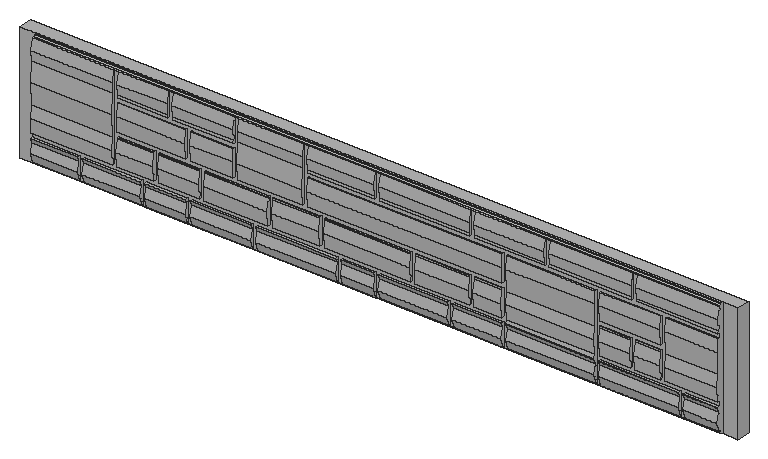
Revit family "P114 Rock Face Panel", category Generic Models, Revit 2020
Family settings
  Can host rebar = No
  Round Connector Dimension = Use Diameter
  Part Type = Normal
  Work Plane-Based = No
  Always vertical = Yes
  Cut with Voids When Loaded = No
  Shared = No
  Room Calculation Point = No
Parameters
  Weight = "66Kg."
  Warranty Guarantor Parts = "n/a"
  Warranty Guarantor Labour = "n/a"
  Warranty Duration Unit = "n/a"
  Warranty Duration Parts = "n/a"
  Warranty Duration Labour = "n/a"
  Warranty Description = "n/a"
  Unit Width [instance] = 50.1 mm
  Unit Length [instance] = 1830 mm
  Unit Height [instance] = 300 mm
  URL = "www.killeshal.com"
  Types = "Single"
  Type Comments = "Visit our website for a full list of available products."
  Sustainability Performance = "n/a"
  Structural Class = "n/a"
  Span = "Length."
  Slope = "0.00°"
  Size = "50mm Wide x 300mm High x 1830mm Long."
  Shape = "As per drawing"
  Service Life = "0.000000"
  Serial Number = "n/a"
  Resistance to Fire = "n/a"
  Replacement Cost = "n/a"
  Reference = "n/a"
  Notified Body = "n/a"
  Nominal Cover to Main Bar = "n/a"
  Model = "P/114 Panel."
  Mechanical Resistance = "n/a"
  Manufacturer = "Killeshal Precast Concrete Ltd."
  Load Bearing = no
  Life Cycle Environmental Load = "n/a"
  Length Options = "1830mm."
  Keynote = "The information contained is the sole property of KPC Ltd., any reproduction in part or whole without permission of KPC Ltd. is prohibited."
  Environmental Product Declaration = "n/a"
  Environmental Class = "n/a"
  Durability against Corrosion = "n/a"
  Dimension Accuracy Class = "n/a"
  Detailing = "As per design specification and product drawings."
  Description = "1830mm Rock Face Panel."
  Default Elevation = 0 mm
  Dangerous Substances = "n/a"
  Contact Tel = "0035357 9353018"
  Contact Email = "sales@killeshal.com"
  Construction Type = "Precast"
  Construction Tolerance Class = "n/a"
  Compressive Strength of Concrete = "n/a"
  Characteristics of Reinforcing Steel = "n/a"
  Characteristics Deflection Under Load = "n/a"
Reference planes
  plane 1 "Center (Front/Back)": y = 0
  plane 2: z = 0
  plane 3 "Center (Left/Right)": x = 0
  plane 4 "Rear": y = 7
  plane 5 "Center L/W": z = 300
  plane 6 "Center L/Y": y = -25
  plane 7 "Center L/Z": y = -43.1
Forms (mm)
  Extrusion 1, solid, material "Precast Concrete (KPC)"
    sketch origin (0, 0, 0) x (0, 1, 0) y (0, 0, 1)
      loop
        line (-25, 300) -> (-27, 298.6) -> (-30.098, 296.808) -> (-33.568, 294.379) -> (-35.1, 292.847) -> (-40.137, 265.235) -> (-38.215, 240.309) -> (-41.604, 191.837) -> (-38.925, 140.708) -> (-43.1, 111) -> (-40.512, 77.437) -> (-43.1, 67.777) -> (-43.1, 66) -> (-37.902, 54.84) -> (-43.1, 30.387) -> (-35.1, 7.153) -> (-33.568, 5.621) -> (-30.098, 3.192) -> (-27, 1.4) -> (-25, 0) -> (7, 0) -> (7, 300) -> (-25, 300)
    from 0 to 1830
  Extrusion 2, void
    sketch origin (0, 0, 0) x (0, 1, 0) y (0, 0, 1)
      loop
        line (-25, 0) -> (-25, 300) -> (-43.1, 300) -> (-43.1, 0) -> (-25, 0)
    from 0 to 40
  Extrusion 3, void
    sketch origin (0, 0, 0) x (0, 1, 0) y (0, 0, 1)
      loop
        line (-25, 0) -> (-25, 300) -> (-43.1, 300) -> (-43.1, 0) -> (-25, 0)
    from 1790 to 1830
  Extrusion 4, void
    sketch origin (0, 0, 66) x (0, 1, 0) y (0, 0, 1)
      loop
        line (-43.1, 0) -> (-35.1, 0) -> (-35.1, 12) -> (-43.1, 12) -> (-43.1, 0)
    from 40 to 1239.7
  Extrusion 5, void
    sketch origin (0, 0, 144) x (0, 1, 0) y (0, 0, 1)
      loop
        line (-43.1, 0) -> (-35.1, 0) -> (-35.1, 12) -> (-43.1, 12) -> (-43.1, 0)
    from 258.969 to 1239.7
  Extrusion 6, void
    sketch origin (0, 0, 222) x (0, 1, 0) y (0, 0, 1)
      loop
        line (-43.1, 0) -> (-35.1, 0) -> (-35.1, 12) -> (-43.1, 12) -> (-43.1, 0)
    from 258.969 to 553.669
  Extrusion 7, void
    sketch origin (185.6, 0, 0) x (1, 0, 0) y (0, 1, 0)
      loop
        line (213.369, -43.1) -> (213.369, -35.1) -> (201.369, -35.1) -> (201.369, -43.1) -> (213.369, -43.1)
    from 234 to 300
  Extrusion 8, void
    sketch origin (45.6, 0, 0) x (1, 0, 0) y (0, 1, 0)
      loop
        line (213.369, -43.1) -> (213.369, -35.1) -> (201.369, -35.1) -> (201.369, -43.1) -> (213.369, -43.1)
    from 78 to 300
  Extrusion 9, void
    sketch origin (-41.1, 0, 0) x (1, 0, 0) y (0, 1, 0)
      loop
        line (213.369, -43.1) -> (213.369, -35.1) -> (201.369, -35.1) -> (201.369, -43.1) -> (213.369, -43.1)
    from 0 to 66
  Extrusion 10, void
    sketch origin (118.1, 0, 0) x (1, 0, 0) y (0, 1, 0)
      loop
        line (213.369, -43.1) -> (213.369, -35.1) -> (201.369, -35.1) -> (201.369, -43.1) -> (213.369, -43.1)
    from 0 to 66
  Extrusion 11, void
    sketch origin (233.7, 0, 0) x (1, 0, 0) y (0, 1, 0)
      loop
        line (213.369, -43.1) -> (213.369, -35.1) -> (201.369, -35.1) -> (201.369, -43.1) -> (213.369, -43.1)
    from 0 to 66
  Extrusion 12, void
    sketch origin (400.6, 0, 0) x (1, 0, 0) y (0, 1, 0)
      loop
        line (213.369, -43.1) -> (213.369, -35.1) -> (201.369, -35.1) -> (201.369, -43.1) -> (213.369, -43.1)
    from 0 to 66
  Extrusion 13, void
    sketch origin (617.2, 0, 0) x (1, 0, 0) y (0, 1, 0)
      loop
        line (213.369, -43.1) -> (213.369, -35.1) -> (201.369, -35.1) -> (201.369, -43.1) -> (213.369, -43.1)
    from 0 to 66
  Extrusion 14, void
    sketch origin (713.4, 0, 0) x (1, 0, 0) y (0, 1, 0)
      loop
        line (213.369, -43.1) -> (213.369, -35.1) -> (201.369, -35.1) -> (201.369, -43.1) -> (213.369, -43.1)
    from 0 to 66
  Extrusion 15, void
    sketch origin (901.4, 0, 0) x (1, 0, 0) y (0, 1, 0)
      loop
        line (213.369, -43.1) -> (213.369, -35.1) -> (201.369, -35.1) -> (201.369, -43.1) -> (213.369, -43.1)
    from 0 to 66
  Extrusion 16, void
    sketch origin (1038.3, 0, 0) x (1, 0, 0) y (0, 1, 0)
      loop
        line (213.369, -43.1) -> (213.369, -35.1) -> (201.369, -35.1) -> (201.369, -43.1) -> (213.369, -43.1)
    from 0 to 222
  Extrusion 17, void
    sketch origin (150.9, 0, 0) x (1, 0, 0) y (0, 1, 0)
      loop
        line (213.369, -43.1) -> (213.369, -35.1) -> (201.369, -35.1) -> (201.369, -43.1) -> (213.369, -43.1)
    from 78 to 144
  Extrusion 18, void
    sketch origin (267.7, 0, 0) x (1, 0, 0) y (0, 1, 0)
      loop
        line (213.369, -43.1) -> (213.369, -35.1) -> (201.369, -35.1) -> (201.369, -43.1) -> (213.369, -43.1)
    from 78 to 144
  Extrusion 19, void
    sketch origin (441.9, 0, 0) x (1, 0, 0) y (0, 1, 0)
      loop
        line (213.369, -43.1) -> (213.369, -35.1) -> (201.369, -35.1) -> (201.369, -43.1) -> (213.369, -43.1)
    from 78 to 144
  Extrusion 20, void
    sketch origin (574.3, 0, 0) x (1, 0, 0) y (0, 1, 0)
      loop
        line (213.369, -43.1) -> (213.369, -35.1) -> (201.369, -35.1) -> (201.369, -43.1) -> (213.369, -43.1)
    from 78 to 144
  Extrusion 21, void
    sketch origin (805.8, 0, 0) x (1, 0, 0) y (0, 1, 0)
      loop
        line (213.369, -43.1) -> (213.369, -35.1) -> (201.369, -35.1) -> (201.369, -43.1) -> (213.369, -43.1)
    from 78 to 144
  Extrusion 22, void
    sketch origin (955.7, 0, 0) x (1, 0, 0) y (0, 1, 0)
      loop
        line (213.369, -43.1) -> (213.369, -35.1) -> (201.369, -35.1) -> (201.369, -43.1) -> (213.369, -43.1)
    from 78 to 144
  Extrusion 23, void
    sketch origin (231.9, 0, 0) x (1, 0, 0) y (0, 1, 0)
      loop
        line (213.369, -43.1) -> (213.369, -35.1) -> (201.369, -35.1) -> (201.369, -43.1) -> (213.369, -43.1)
    from 156 to 222
  Extrusion 24, void
    sketch origin (352.3, 0, 0) x (1, 0, 0) y (0, 1, 0)
      loop
        line (213.369, -43.1) -> (213.369, -35.1) -> (201.369, -35.1) -> (201.369, -43.1) -> (213.369, -43.1)
    from 156 to 300
  Extrusion 25, void
    sketch origin (530.1, 0, 0) x (1, 0, 0) y (0, 1, 0)
      loop
        line (213.369, -43.1) -> (213.369, -35.1) -> (201.369, -35.1) -> (201.369, -43.1) -> (213.369, -43.1)
    from 156 to 300
  Extrusion 26, void
    sketch origin (1275.1, 0, 0) x (1, 0, 0) y (0, 1, 0)
      loop
        line (213.369, -43.1) -> (213.369, -35.1) -> (201.369, -35.1) -> (201.369, -43.1) -> (213.369, -43.1)
    from 0 to 222
  Extrusion 27, void
    sketch origin (1490.6, 0, 0) x (1, 0, 0) y (0, 1, 0)
      loop
        line (213.369, -43.1) -> (213.369, -35.1) -> (201.369, -35.1) -> (201.369, -43.1) -> (213.369, -43.1)
    from 0 to 66.476
  Extrusion 28, void
    sketch origin (0, 0, 0) x (0, 1, 0) y (0, 0, 1)
      loop
        line (-35.1, 222) -> (-35.1, 234) -> (-43.1, 234) -> (-43.1, 222) -> (-35.1, 222)
    from 1790 to 743.469
  Extrusion 29, void
    sketch origin (712.7, 0, 0) x (1, 0, 0) y (0, 1, 0)
      loop
        line (213.369, -43.1) -> (213.369, -35.1) -> (201.369, -35.1) -> (201.369, -43.1) -> (213.369, -43.1)
    from 234 to 300
  Extrusion 30, void
    sketch origin (955.8, 0, 0) x (1, 0, 0) y (0, 1, 0)
      loop
        line (213.369, -43.1) -> (213.369, -35.1) -> (201.369, -35.1) -> (201.369, -43.1) -> (213.369, -43.1)
    from 234 to 300
  Extrusion 31, void
    sketch origin (1145.7, 0, 0) x (1, 0, 0) y (0, 1, 0)
      loop
        line (213.369, -43.1) -> (213.369, -35.1) -> (201.369, -35.1) -> (201.369, -43.1) -> (213.369, -43.1)
    from 234 to 300
  Extrusion 32, void
    sketch origin (1368.2, 0, 0) x (1, 0, 0) y (0, 1, 0)
      loop
        line (213.369, -43.1) -> (213.369, -35.1) -> (201.369, -35.1) -> (201.369, -43.1) -> (213.369, -43.1)
    from 234 to 300
  Extrusion 33, void
    sketch origin (0, 0, -155.524) x (0, 1, 0) y (0, 0, 1)
      loop
        line (-35.1, 222) -> (-35.1, 234) -> (-43.1, 234) -> (-43.1, 222) -> (-35.1, 222)
    from 1790 to 1488.469
  Extrusion 34, void
    sketch origin (0, 0, -77.524) x (0, 1, 0) y (0, 0, 1)
      loop
        line (-35.1, 222) -> (-35.1, 234) -> (-43.1, 234) -> (-43.1, 222) -> (-35.1, 222)
    from 1644.069 to 1488.469
  Extrusion 35, void
    sketch origin (1366.1, 0, 0) x (1, 0, 0) y (0, 1, 0)
      loop
        line (213.369, -43.1) -> (213.369, -35.1) -> (201.369, -35.1) -> (201.369, -43.1) -> (213.369, -43.1)
    from 78.476 to 144.476
  Extrusion 36, void
    sketch origin (1442.7, 0, 0) x (1, 0, 0) y (0, 1, 0)
      loop
        line (213.369, -43.1) -> (213.369, -35.1) -> (201.369, -35.1) -> (201.369, -43.1) -> (213.369, -43.1)
    from 78.476 to 222
Cuts and joins
  Extrusion 2, Extrusion 3, Extrusion 4, Extrusion 5, Extrusion 6, Extrusion 7, Extrusion 8, Extrusion 9, Extrusion 10, Extrusion 11, Extrusion 12, Extrusion 13, Extrusion 14, Extrusion 15, Extrusion 16, Extrusion 17, Extrusion 18, Extrusion 19, Extrusion 20, Extrusion 21, Extrusion 22, Extrusion 23, Extrusion 24, Extrusion 25, Extrusion 26, Extrusion 27, Extrusion 28, Extrusion 29, Extrusion 30, Extrusion 31, Extrusion 32, Extrusion 33, Extrusion 34, Extrusion 35, Extrusion 36 cuts Extrusion 1
Lines and regions (mm)
  reference lines
    curve 1: line (40, 0, 0) -> (40, 0, 64)
    curve 2: line (40, 0, 64) -> (1240, 0, 64)
Dimensions and locks
  "Unit Length": Extrusion 1 to Extrusion 1
  "Unit Height": cut or joined group 1 (Extrusion 1, Extrusion 2, Extrusion 3, Extrusion 4, Extrusion 5, Extrusion 6, Extrusion 7, Extrusion 8, Extrusion 9, Extrusion 10, Extrusion 11, Extrusion 12, Extrusion 13, Extrusion 14, Extrusion 15, Extrusion 16, Extrusion 17, Extrusion 18, Extrusion 19, Extrusion 20, Extrusion 21, Extrusion 22, Extrusion 23, Extrusion 24, Extrusion 25, Extrusion 26, Extrusion 27, Extrusion 28, Extrusion 29, Extrusion 30, Extrusion 31, Extrusion 32, Extrusion 33, Extrusion 34, Extrusion 35, Extrusion 36) to cut or joined group 1
  "Unit Width": plane 4 "Rear" to plane 7 "Center L/Z"
  aligned and locked: level to plane 2
Automatic sketch dimensions
  Extrusion 1 sketch curve to plane 7 "Center L/Z" = 0 mm  (x3)
  Extrusion 1 sketch curve to plane 5 "Center L/W" = 0 mm
  Extrusion 1 sketch curve to plane 6 "Center L/Y" = 0 mm  (x2)
  Extrusion 1 sketch curve to level = 0 mm
  Extrusion 1 sketch curve to plane 4 "Rear" = 0 mm
  plane 7 "Center L/Z" to Extrusion 1 sketch curve = 1.496 mm
  plane 7 "Center L/Z" to Extrusion 1 sketch curve = 2.588 mm
  plane 7 "Center L/Z" to Extrusion 1 sketch curve = 2.963 mm
  plane 7 "Center L/Z" to Extrusion 1 sketch curve = 4.175 mm
  plane 7 "Center L/Z" to Extrusion 1 sketch curve = 4.885 mm
  plane 7 "Center L/Z" to Extrusion 1 sketch curve = 5.198 mm
  plane 7 "Center L/Z" to Extrusion 1 sketch curve = 8 mm  (x2)
  Extrusion 1 sketch curve to Extrusion 1 sketch curve = 1.532 mm  (x4)
  Extrusion 1 sketch curve to Extrusion 1 sketch curve = 3.47 mm  (x2)
  Extrusion 1 sketch curve to plane 6 "Center L/Y" = 2 mm  (x2)
  level to Extrusion 1 sketch curve = 1.4 mm
  level to Extrusion 1 sketch curve = 3.192 mm
  Extrusion 1 sketch curve to Extrusion 1 sketch curve = 2.43 mm
  Extrusion 1 sketch curve to Extrusion 1 sketch curve = 23.234 mm
  Extrusion 1 sketch curve to Extrusion 1 sketch curve = 24.454 mm
  Extrusion 1 sketch curve to Extrusion 1 sketch curve = 11.16 mm
  Extrusion 1 sketch curve to Extrusion 1 sketch curve = 1.777 mm
  Extrusion 1 sketch curve to Extrusion 1 sketch curve = 9.659 mm
  Extrusion 1 sketch curve to Extrusion 1 sketch curve = 33.563 mm
  Extrusion 1 sketch curve to Extrusion 1 sketch curve = 29.708 mm
  Extrusion 1 sketch curve to Extrusion 1 sketch curve = 51.129 mm
  Extrusion 1 sketch curve to Extrusion 1 sketch curve = 48.471 mm
  Extrusion 1 sketch curve to Extrusion 1 sketch curve = 24.926 mm
  Extrusion 1 sketch curve to plane 5 "Center L/W" = 7.153 mm
  Extrusion 1 sketch curve to plane 5 "Center L/W" = 3.192 mm
  Extrusion 1 sketch curve to plane 5 "Center L/W" = 1.4 mm
  Extrusion 2 sketch curve to level = 0 mm
  Extrusion 2 sketch curve to plane 7 "Center L/Z" = 0 mm
  Extrusion 2 sketch curve to plane 5 "Center L/W" = 0 mm
  Extrusion 2 sketch curve to plane 6 "Center L/Y" = 0 mm
  Extrusion 3 sketch curve to level = 0 mm
  Extrusion 3 sketch curve to plane 7 "Center L/Z" = 0 mm
  Extrusion 3 sketch curve to plane 5 "Center L/W" = 0 mm
  Extrusion 3 sketch curve to plane 6 "Center L/Y" = 0 mm
  curve 1 to level = 0 mm
  plane 3 "Center (Left/Right)" to curve 1 = 40 mm
  level to curve 2 = 64 mm
  curve 1 to curve 2 = 1200 mm
  Extrusion 4 sketch curve to plane 7 "Center L/Z" = 0 mm
  Extrusion 4 sketch curve to Extrusion 4 sketch curve = 8 mm
  level to Extrusion 4 sketch curve = 66 mm
  Extrusion 4 sketch curve to Extrusion 4 sketch curve = 12 mm
  Extrusion 5 sketch curve to plane 7 "Center L/Z" = 0 mm
  Extrusion 5 sketch curve to Extrusion 5 sketch curve = 8 mm
  level to Extrusion 5 sketch curve = 144 mm
  Extrusion 5 sketch curve to Extrusion 5 sketch curve = 12 mm
  Extrusion 6 sketch curve to plane 7 "Center L/Z" = 0 mm
  Extrusion 6 sketch curve to Extrusion 6 sketch curve = 8 mm
  Extrusion 6 sketch curve to plane 5 "Center L/W" = 78 mm
  Extrusion 6 sketch curve to Extrusion 6 sketch curve = 12 mm
  Extrusion 7 sketch curve to plane 7 "Center L/Z" = 0 mm
  plane 3 "Center (Left/Right)" to Extrusion 7 sketch curve = 386.969 mm
  Extrusion 7 sketch curve to Extrusion 7 sketch curve = 12 mm
  Extrusion 7 sketch curve to Extrusion 7 sketch curve = 8 mm
  Extrusion 8 sketch curve to plane 7 "Center L/Z" = 0 mm
  plane 3 "Center (Left/Right)" to Extrusion 8 sketch curve = 246.969 mm
  Extrusion 8 sketch curve to Extrusion 8 sketch curve = 12 mm
  Extrusion 8 sketch curve to Extrusion 8 sketch curve = 8 mm
  Extrusion 9 sketch curve to plane 7 "Center L/Z" = 0 mm
  plane 3 "Center (Left/Right)" to Extrusion 9 sketch curve = 160.269 mm
  Extrusion 9 sketch curve to Extrusion 9 sketch curve = 12 mm
  Extrusion 9 sketch curve to Extrusion 9 sketch curve = 8 mm
  Extrusion 10 sketch curve to plane 7 "Center L/Z" = 0 mm
  plane 3 "Center (Left/Right)" to Extrusion 10 sketch curve = 319.469 mm
  Extrusion 10 sketch curve to Extrusion 10 sketch curve = 12 mm
  Extrusion 10 sketch curve to Extrusion 10 sketch curve = 8 mm
  Extrusion 11 sketch curve to plane 7 "Center L/Z" = 0 mm
  plane 3 "Center (Left/Right)" to Extrusion 11 sketch curve = 435.069 mm
  Extrusion 11 sketch curve to Extrusion 11 sketch curve = 12 mm
  Extrusion 11 sketch curve to Extrusion 11 sketch curve = 8 mm
  Extrusion 12 sketch curve to plane 7 "Center L/Z" = 0 mm
  plane 3 "Center (Left/Right)" to Extrusion 12 sketch curve = 601.969 mm
  Extrusion 12 sketch curve to Extrusion 12 sketch curve = 12 mm
  Extrusion 12 sketch curve to Extrusion 12 sketch curve = 8 mm
  Extrusion 13 sketch curve to plane 7 "Center L/Z" = 0 mm
  plane 3 "Center (Left/Right)" to Extrusion 13 sketch curve = 818.569 mm
  Extrusion 13 sketch curve to Extrusion 13 sketch curve = 12 mm
  Extrusion 13 sketch curve to Extrusion 13 sketch curve = 8 mm
  Extrusion 14 sketch curve to plane 7 "Center L/Z" = 0 mm
  plane 3 "Center (Left/Right)" to Extrusion 14 sketch curve = 914.769 mm
  Extrusion 14 sketch curve to Extrusion 14 sketch curve = 12 mm
  Extrusion 14 sketch curve to Extrusion 14 sketch curve = 8 mm
  Extrusion 15 sketch curve to plane 7 "Center L/Z" = 0 mm
  plane 3 "Center (Left/Right)" to Extrusion 15 sketch curve = 1102.769 mm
  Extrusion 15 sketch curve to Extrusion 15 sketch curve = 12 mm
  Extrusion 15 sketch curve to Extrusion 15 sketch curve = 8 mm
  Extrusion 16 sketch curve to plane 7 "Center L/Z" = 0 mm
  plane 3 "Center (Left/Right)" to Extrusion 16 sketch curve = 1239.669 mm
  Extrusion 16 sketch curve to Extrusion 16 sketch curve = 12 mm
  Extrusion 16 sketch curve to Extrusion 16 sketch curve = 8 mm
  Extrusion 17 sketch curve to plane 7 "Center L/Z" = 0 mm
  plane 3 "Center (Left/Right)" to Extrusion 17 sketch curve = 352.269 mm
  Extrusion 17 sketch curve to Extrusion 17 sketch curve = 12 mm
  Extrusion 17 sketch curve to Extrusion 17 sketch curve = 8 mm
  Extrusion 18 sketch curve to plane 7 "Center L/Z" = 0 mm
  plane 3 "Center (Left/Right)" to Extrusion 18 sketch curve = 469.069 mm
  Extrusion 18 sketch curve to Extrusion 18 sketch curve = 12 mm
  Extrusion 18 sketch curve to Extrusion 18 sketch curve = 8 mm
  Extrusion 19 sketch curve to plane 7 "Center L/Z" = 0 mm
  plane 3 "Center (Left/Right)" to Extrusion 19 sketch curve = 643.269 mm
  Extrusion 19 sketch curve to Extrusion 19 sketch curve = 12 mm
  Extrusion 19 sketch curve to Extrusion 19 sketch curve = 8 mm
  Extrusion 20 sketch curve to plane 7 "Center L/Z" = 0 mm
  plane 3 "Center (Left/Right)" to Extrusion 20 sketch curve = 775.669 mm
  Extrusion 20 sketch curve to Extrusion 20 sketch curve = 12 mm
  Extrusion 20 sketch curve to Extrusion 20 sketch curve = 8 mm
  Extrusion 21 sketch curve to plane 7 "Center L/Z" = 0 mm
  plane 3 "Center (Left/Right)" to Extrusion 21 sketch curve = 1007.169 mm
  Extrusion 21 sketch curve to Extrusion 21 sketch curve = 12 mm
  Extrusion 21 sketch curve to Extrusion 21 sketch curve = 8 mm
  Extrusion 22 sketch curve to plane 7 "Center L/Z" = 0 mm
  plane 3 "Center (Left/Right)" to Extrusion 22 sketch curve = 1157.069 mm
  Extrusion 22 sketch curve to Extrusion 22 sketch curve = 12 mm
  Extrusion 22 sketch curve to Extrusion 22 sketch curve = 8 mm
  Extrusion 23 sketch curve to plane 7 "Center L/Z" = 0 mm
  plane 3 "Center (Left/Right)" to Extrusion 23 sketch curve = 433.269 mm
  Extrusion 23 sketch curve to Extrusion 23 sketch curve = 12 mm
  Extrusion 23 sketch curve to Extrusion 23 sketch curve = 8 mm
  Extrusion 24 sketch curve to plane 7 "Center L/Z" = 0 mm
  plane 3 "Center (Left/Right)" to Extrusion 24 sketch curve = 553.669 mm
  Extrusion 24 sketch curve to Extrusion 24 sketch curve = 12 mm
  Extrusion 24 sketch curve to Extrusion 24 sketch curve = 8 mm
  Extrusion 25 sketch curve to plane 7 "Center L/Z" = 0 mm
  plane 3 "Center (Left/Right)" to Extrusion 25 sketch curve = 731.469 mm
  Extrusion 25 sketch curve to Extrusion 25 sketch curve = 12 mm
  Extrusion 25 sketch curve to Extrusion 25 sketch curve = 8 mm
  Extrusion 26 sketch curve to plane 7 "Center L/Z" = 0 mm
  plane 3 "Center (Left/Right)" to Extrusion 26 sketch curve = 1476.469 mm
  Extrusion 26 sketch curve to Extrusion 26 sketch curve = 12 mm
  Extrusion 26 sketch curve to Extrusion 26 sketch curve = 8 mm
  Extrusion 27 sketch curve to plane 7 "Center L/Z" = 0 mm
  plane 3 "Center (Left/Right)" to Extrusion 27 sketch curve = 1691.969 mm
  Extrusion 27 sketch curve to Extrusion 27 sketch curve = 12 mm
  Extrusion 27 sketch curve to Extrusion 27 sketch curve = 8 mm
  Extrusion 28 sketch curve to plane 7 "Center L/Z" = 0 mm
  Extrusion 28 sketch curve to Extrusion 28 sketch curve = 8 mm
  Extrusion 28 sketch curve to plane 5 "Center L/W" = 78 mm
  Extrusion 28 sketch curve to Extrusion 28 sketch curve = 12 mm
  Extrusion 29 sketch curve to plane 7 "Center L/Z" = 0 mm
  plane 3 "Center (Left/Right)" to Extrusion 29 sketch curve = 914.069 mm
  Extrusion 29 sketch curve to Extrusion 29 sketch curve = 12 mm
  Extrusion 29 sketch curve to Extrusion 29 sketch curve = 8 mm
  Extrusion 30 sketch curve to plane 7 "Center L/Z" = 0 mm
  plane 3 "Center (Left/Right)" to Extrusion 30 sketch curve = 1157.169 mm
  Extrusion 30 sketch curve to Extrusion 30 sketch curve = 12 mm
  Extrusion 30 sketch curve to Extrusion 30 sketch curve = 8 mm
  Extrusion 31 sketch curve to plane 7 "Center L/Z" = 0 mm
  plane 3 "Center (Left/Right)" to Extrusion 31 sketch curve = 1347.069 mm
  Extrusion 31 sketch curve to Extrusion 31 sketch curve = 12 mm
  Extrusion 31 sketch curve to Extrusion 31 sketch curve = 8 mm
  Extrusion 32 sketch curve to plane 7 "Center L/Z" = 0 mm
  plane 3 "Center (Left/Right)" to Extrusion 32 sketch curve = 1569.569 mm
  Extrusion 32 sketch curve to Extrusion 32 sketch curve = 12 mm
  Extrusion 32 sketch curve to Extrusion 32 sketch curve = 8 mm
  Extrusion 33 sketch curve to plane 7 "Center L/Z" = 0 mm
  plane 7 "Center L/Z" to Extrusion 33 sketch curve = 8 mm
  level to Extrusion 33 sketch curve = 66.476 mm
  Extrusion 33 sketch curve to Extrusion 33 sketch curve = 12 mm
  Extrusion 34 sketch curve to plane 7 "Center L/Z" = 0 mm
  plane 7 "Center L/Z" to Extrusion 34 sketch curve = 8 mm
  level to Extrusion 34 sketch curve = 144.476 mm
  Extrusion 34 sketch curve to Extrusion 34 sketch curve = 12 mm
  Extrusion 35 sketch curve to plane 7 "Center L/Z" = 0 mm
  plane 3 "Center (Left/Right)" to Extrusion 35 sketch curve = 1567.469 mm
  Extrusion 35 sketch curve to Extrusion 35 sketch curve = 12 mm
  Extrusion 35 sketch curve to Extrusion 35 sketch curve = 8 mm
  Extrusion 36 sketch curve to plane 7 "Center L/Z" = 0 mm
  plane 3 "Center (Left/Right)" to Extrusion 36 sketch curve = 1644.069 mm
  Extrusion 36 sketch curve to Extrusion 36 sketch curve = 12 mm
  Extrusion 36 sketch curve to Extrusion 36 sketch curve = 8 mm
